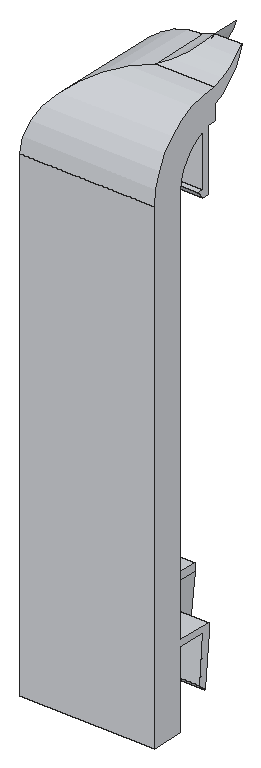
Revit family "HansWeitzel_4142", category Allgemeines Modell, Revit 2017
Family settings
  Basisbauteil = Wand
  Kann Basisbauteil für Bewehrung sein = Nein
  Bemaßung runder Anschluss = Durchmesser verwenden
  Teiletyp = Normal
  Immer vertikal = Ja
  Beim Laden mit Abzugskörper schneiden = Nein
  Gemeinsam genutzt = Nein
  Raumberechnungspunkt = Nein
Parameters
  max. Betriebstemperatur (°C) = 90
  Werkstoff = "Polystyrol"
  Wandmontage möglich = yes
  Typname = "HZ-Außenecke BLF Esche weiß"
  Tiefe (mm) = 38
  Profilform = "Eckprofil"
  Profilart = "Außeneckprofil"
  Menge pro Verpackungseinheit = 10
  Ist Zubehör = no
  Ist System = no
  Höhe [mm] = 94
  Hersteller = "Hans Weitzel GmbH & Co. KG"
  HeinzeBIM = "https://www.heinze.de/bim/hz-aussenecke-blf-esche-weiss/ca2e7216bdcf0ea181b1fcc22d36642c82d421d1"
  HAN = "4142"
  Gewicht unverpackt (netto) [kg] = 0.015
  GTIN = "4022023206616"
  Farbton = "Holzart/Holzdekor"
  Dekor = "Esche weiß"
  Breite [mm] = 70
  Beschreibung = "HZ-Außenecke BLF Esche weiß Formteil an Sollbruchstelle einkürzen"
  BIMSITE_PRODUCT_ID = "ca2e7216bdcf0ea181b1fcc22d36642c82d421d1"
  BIM = "https://media.live.bim.site/t/eyJhbGciOiJIUzI1NiIsInR5cCI6IkpXVCJ9.eyJjdCI6MSwidGYiOiJwdWJsaWMvaGFucy13ZWl0emVsLWdtYmgtY28ta2cvMjI1MGEyZS9IWl9CTEZfQXVzc2VuZWNrZV9CbGluZGxlaXN0ZW4ucmZhIiwiY2lkIjoiZmVkOThlOWEtMWJkOC00YzY4LWE3M2ItNzRhOTRlMzE1ODIzIiwicmlkIjoiZTU4OTZiMjVlMmFlZjgxODUzOTFmM2QwZDJhMzk2NmEiLCJwaWQiOiJjYTJlNzIxNmJkY2YwZWExODFiMWZjYzIyZDM2NjQyYzgyZDQyMWQxIiwic2lkIjoiNjM1NTgiLCJ1dCI6NSwibGMiOiJkZSIsImlhdCI6MTU4MDEyNzYwNiwiaXNzIjoiaHR0cHM6Ly9hcGkubGl2ZS5iaW0uc2l0ZSIsInN1YiI6ImY1ODZjNGI2LWE1MDgtNDI3YS05ODE4LTEzMTc5NjY1NzZiYyJ9.s6qGGSqacyTWCHJ_2Sictl3oA_wNVdgkQs48LUOgDAA/HZ_BLF_Aussenecke_Blindleisten.rfa"
Reference planes
  plane 1: y = 0
  plane 2 "Center (Left/Right)": x = 0
  plane 3 "Wall Edge": y = 76.2
Text (mm)
  text "Placement Side" at (0, 1019.848, 3124.603), in view "Right"
  text "Placement Side" at (-1787.662, 723.012, 0), in view "Ref. Level"
  text "Placement Side" at (0, 2073.289, 3571.227), in view "Left"
Dimensions and locks
  locked: plane 3 "Wall Edge" to host wall
  aligned and locked: nested 1 to plane 3 "Wall Edge"
Nested families
  nested 1: "HZ_BLF_Aussenecke_Blindleisten" at (0, 76.2, 0) x (-1, 0, 0) z (0, 0, 1), type "HZ_BLF_Aussenecke_Blindleisten"
Definition of nested family "HZ_BLF_Aussenecke_Blindleisten"
  Reference planes
    plane 1 "Center (Front/Back)": y = 0
    plane 2: z = 0
    plane 3 "Center (Left/Right)": x = 0
  Forms (mm)
    Sweep 1, solid
      path origin (0, 0, 0) x (1, 0, 0) y (0, 1, 0)
        loop
          line (0, -20) -> (0, 0) -> (-20, 0)
      profile origin (-10, 0, 0) x (0, -1, 0) y (0, 0, 1)
        loop
          line (4.634, 12.318) -> (4.634, 71.972)
          arc (4.634, 71.972) -> (5.792, 75.675) -> (8.852, 78.059) r 6.5
          line (8.852, 78.059) -> (8.852, 70.371) -> (7.859, 70.371) -> (8.936, 69.232) -> (9.86, 69.232) -> (9.86, 78.346)
          arc (9.86, 78.346) -> (10.501, 78.442) -> (11.149, 78.472) r 6.5
          line (11.149, 78.472) -> (11.149, 80.736)
          arc (11.149, 80.736) -> (14.243, 83.087) -> (16, 86.553) r 8.67
          arc (16, 86.553) -> (13.909, 84.316) -> (11.146, 82.999) r 8.222
          arc (11.146, 82.999) -> (3.273, 79.83) -> (0, 72) r 11
          line (0, 72) -> (0, 0) -> (4.634, 0) -> (4.634, 11.4) -> (8.843, 11.4) -> (8.277, 4.72) -> (9.15, 3.802) -> (9.87, 11.14) -> (9.87, 12.318) -> (4.634, 12.318)
  Dimensions and locks
    aligned and locked: plane 2 to level
